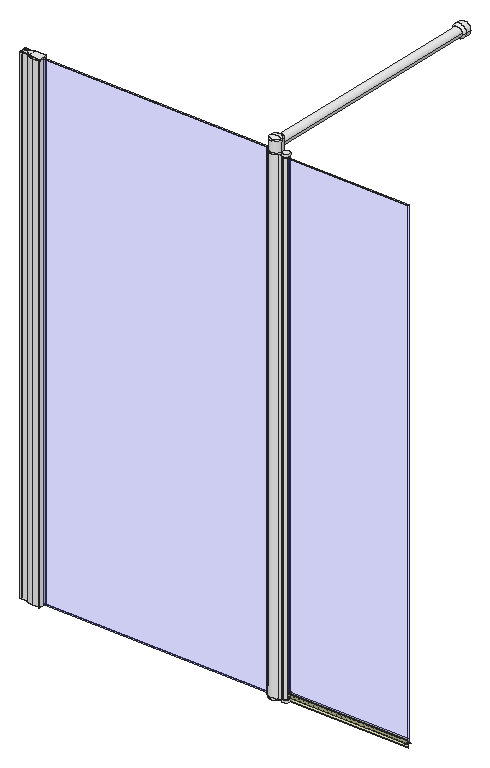
Revit family "FBD2H", category Plumbing Fixtures, Revit 2015
Parameters (values of type "800")
  arm length = 740 mm
  URL = "http://www.sanswiss.com/"
  Type Comments = "WALK IN FUN"
  Seal = Seal
  Model = "FBD2H"
  Manufacturer = "SanSwiss"
  Glass = Glass
  Chrome = Chrome - Polished
  Aluminium = Aluminum - Polished
  X = 800 mm
Types (4, lengths in mm): name | X
  (no name) | 800
  700 | 700
  800 | 800
  750 | 750
Reference planes
  plane 1 "Center (Front/Back)": y = 0
  plane 2: z = 0
  plane 3 "Center (Left/Right)": x = 0
  plane 4 "back": y = 750
  plane 5 "left": x = -800
  plane 6: z = 1965.5
  plane 7 "stabiliser": y = 30.169
  plane 8: x = -744.225
  plane 9: z = -534.5
Forms (mm)
  Sweep 1, solid, material "Chrome - Polished" <- "Chrome"
    path origin (0, 0, 0) x (1, 0, 0) y (0, 0, 1)
      loop
        line (0, 1497.7) -> (0, 1502)
    profile origin (0, 0, 1499.85) x (-1, 0, 0) y (0, -1, 0)
      loop
        arc (46.513, -26.016) -> (42.412, -24.892) -> (39.475, -21.818) r 7.96
        arc (39.475, -21.818) -> (24.653, -12.137) -> (8.498, -19.375) r 18.466
        arc (8.498, -19.375) -> (4.987, -22.278) -> (0.551, -23.318) r 9.979
        line (0.551, -23.318) -> (-0.232, -23.318)
        arc (-0.232, -23.318) -> (-18.787, -30.617) -> (-0.232, -37.916) r 10.713
        line (-0.232, -37.916) -> (0.551, -37.916)
        arc (0.551, -37.916) -> (4.983, -38.952) -> (8.5, -41.84) r 10.034
        arc (8.5, -41.84) -> (24.644, -49.028) -> (39.471, -39.413) r 18.528
        arc (39.471, -39.413) -> (42.417, -36.353) -> (46.513, -35.228) r 8.016
        line (46.513, -35.228) -> (47.889, -35.228)
        arc (47.889, -35.228) -> (48.463, -34.99) -> (48.7, -34.417) r 0.811
        line (48.7, -34.417) -> (48.7, -26.828)
        arc (48.7, -26.828) -> (48.462, -26.254) -> (47.889, -26.016) r 0.811
        line (47.889, -26.016) -> (46.513, -26.016)
  Sweep 2, solid, material "Aluminum - Polished" <- "Aluminium"
    path origin (0, 0, 0) x (1, 0, 0) y (0, 0, 1)
      loop
        line (-800, 0) -> (-800, 1500)
    profile origin (-800, 0, 750) x (-1, 0, 0) y (0, -1, 0)
      loop
        line (-63.975, -34.016) -> (-63.975, -41.416)
        arc (-63.975, -41.416) -> (-63.536, -42.477) -> (-62.475, -42.916) r 1.5
        line (-62.475, -42.916) -> (-28.801, -42.916)
        arc (-28.801, -42.916) -> (-26.457, -42.632) -> (-24.248, -41.797) r 9.817
        arc (-24.248, -41.797) -> (-24.058, -40.885) -> (-24.863, -40.416) r 0.796
        line (-24.863, -40.416) -> (-24.863, -22.416)
        arc (-24.863, -22.416) -> (-24.071, -21.973) -> (-24.146, -21.069) r 0.838
        arc (-24.146, -21.069) -> (-34.029, -16.855) -> (-44.675, -15.416) r 40.103
        line (-44.675, -15.416) -> (-62.475, -15.416)
        arc (-62.475, -15.416) -> (-63.536, -15.855) -> (-63.975, -16.916) r 1.5
        line (-63.975, -16.916) -> (-63.975, -27.216) -> (-55.775, -27.216) -> (-55.775, -34.016) -> (-63.975, -34.016)
  Sweep 3, solid, material "Chrome - Polished" <- "Chrome"
    path origin (0, 0, 0) x (1, 0, 0) y (0, 0, 1)
      loop
        line (-800, 1503) -> (-800, 1500)
    profile origin (-800, 0, 1501.5) x (0, -1, 0) y (1, 0, 0)
      loop
        line (-16.916, 63.975) -> (-41.416, 63.975)
        arc (-41.416, 63.975) -> (-42.477, 63.536) -> (-42.916, 62.475) r 1.5
        line (-42.916, 62.475) -> (-42.916, 28.801)
        arc (-42.916, 28.801) -> (-42.208, 25.105) -> (-40.183, 21.932) r 9.999
        arc (-40.183, 21.932) -> (-30.188, 18.244) -> (-21.199, 23.963) r 11.998
        arc (-21.199, 23.963) -> (-16.891, 33.924) -> (-15.416, 44.675) r 40.036
        line (-15.416, 44.675) -> (-15.416, 62.475)
        arc (-15.416, 62.475) -> (-15.855, 63.536) -> (-16.916, 63.975) r 1.5
  Sweep 4, solid, material "Aluminum - Polished" <- "Aluminium"
    path origin (0, 0, 0) x (1, 0, 0) y (0, 0, 1)
      loop
        line (0, 1497.7) -> (0, 4.3)
    profile origin (0, 0, 751) x (0, -1, 0) y (1, 0, 0)
      loop
        arc (-35.222, -47.894) -> (-34.417, -48.7) -> (-33.611, -47.894) r 0.806
        line (-33.611, -47.894) -> (-34.222, -47.021) -> (-33.733, -46.322) -> (-34.222, -45.622) -> (-33.701, -45.001) -> (-34.222, -44.257) -> (-33.714, -43.651) -> (-33.714, -40) -> (-27.616, -40) -> (-27.616, -43.701) -> (-27.022, -44.295) -> (-27.496, -44.972) -> (-27.022, -45.649) -> (-27.483, -46.306) -> (-27.022, -46.964) -> (-27.611, -47.906)
        arc (-27.611, -47.906) -> (-26.811, -48.706) -> (-26.011, -47.906) r 0.8
        line (-26.011, -47.906) -> (-26.011, -46.513)
        arc (-26.011, -46.513) -> (-24.883, -42.417) -> (-21.818, -39.475) r 8.005
        arc (-21.818, -39.475) -> (-12.177, -24.65) -> (-19.375, -8.498) r 18.514
        arc (-19.375, -8.498) -> (-22.533, -4.427) -> (-23.278, 0.67) r 10.122
        arc (-23.278, 0.67) -> (-22.622, 2.449) -> (-22.866, 4.33) r 3.968
        arc (-22.866, 4.33) -> (-23.136, 4) -> (-23.286, 3.601) r 1.311
        arc (-23.286, 3.601) -> (-30.62, -1.041) -> (-37.948, 3.612) r 8.105
        arc (-37.948, 3.612) -> (-38.099, 4.005) -> (-38.366, 4.33) r 1.311
        arc (-38.366, 4.33) -> (-38.611, 2.449) -> (-37.954, 0.67) r 3.968
        arc (-37.954, 0.67) -> (-38.699, -4.427) -> (-41.857, -8.498) r 10.122
        arc (-41.857, -8.498) -> (-49.055, -24.65) -> (-39.414, -39.475) r 18.514
        arc (-39.414, -39.475) -> (-36.387, -42.354) -> (-35.222, -46.366) r 8.005
        line (-35.222, -46.366) -> (-35.222, -47.894)
  Sweep 5, solid, material "Chrome - Polished" <- "Chrome"
    path origin (0, 0, 0) x (1, 0, 0) y (0, 0, 1)
      loop
        line (0, 4.3) -> (0, 0)
    profile origin (0, 0, 2.15) x (0, -1, 0) y (1, 0, 0)
      loop
        arc (-26.016, -46.513) -> (-24.892, -42.412) -> (-21.818, -39.475) r 7.96
        arc (-21.818, -39.475) -> (-12.137, -24.653) -> (-19.375, -8.498) r 18.466
        arc (-19.375, -8.498) -> (-22.278, -4.987) -> (-23.318, -0.551) r 9.979
        line (-23.318, -0.551) -> (-23.318, 0.232)
        arc (-23.318, 0.232) -> (-30.617, 18.787) -> (-37.916, 0.232) r 10.713
        line (-37.916, 0.232) -> (-37.916, -0.551)
        arc (-37.916, -0.551) -> (-38.952, -4.983) -> (-41.84, -8.5) r 10.034
        arc (-41.84, -8.5) -> (-49.028, -24.644) -> (-39.413, -39.471) r 18.528
        arc (-39.413, -39.471) -> (-36.353, -42.417) -> (-35.228, -46.513) r 8.016
        line (-35.228, -46.513) -> (-35.228, -47.889)
        arc (-35.228, -47.889) -> (-34.99, -48.463) -> (-34.417, -48.7) r 0.811
        line (-34.417, -48.7) -> (-26.828, -48.7)
        arc (-26.828, -48.7) -> (-26.254, -48.462) -> (-26.016, -47.889) r 0.811
        line (-26.016, -47.889) -> (-26.016, -46.513)
  Extrusion 6, solid, material "Glass" <- "Glass"
    sketch origin (0, 7.616, 0) x (1, 0, 0) y (0, 1, 0)
      loop
        line (-42.892, 26) -> (-744.225, 26) -> (-744.225, 20) -> (-42.892, 20) -> (-42.892, 26)
    from 1.5 to 1500.5
  Sweep 7, solid, material "Chrome - Polished" <- "Chrome"
    path origin (0, 30.169, 0) x (-1, 0, 0) y (0, 0, 1)
      loop
        line (0, 4.3) -> (0, 7.8)
    profile origin (0, 30.169, 6.05) x (1, 0, 0) y (0, 1, 0)
      loop
        circle (8, 0.447) r 9
  Sweep 8, solid, material "Chrome - Polished" <- "Chrome"
    path origin (0, 30.169, 0) x (-1, 0, 0) y (0, 0, 1)
      loop
        line (0, 1494.2) -> (0, 1497.7)
    profile origin (0, 30.169, 1495.95) x (1, 0, 0) y (0, 1, 0)
      loop
        circle (8, 0.447) r 9
  Extrusion 9, solid, material "Glass" <- "Glass"
    sketch origin (0, 0, 0) x (1, 0, 0) y (0, 1, 0)
      loop
        line (8, 33.616) -> (8, 27.616) -> (382.921, 27.616) -> (382.921, 33.616) -> (8, 33.616)
    from 12.3 to 1489.7
  Extrusion 10, solid, material "Seal" <- "Seal"
    sketch origin (0, 0, 0) x (0, 1, 0) y (0, 0, 1)
      loop
        line (31.475, 10.9) -> (34.716, 10.9)
        arc (34.716, 10.9) -> (38.727, 7.906) -> (43.475, 6.318) r 15.781
        arc (43.475, 6.318) -> (44.097, 6.669) -> (43.746, 7.291) r 0.505
        arc (43.746, 7.291) -> (39.535, 9.237) -> (36.153, 12.412) r 14.508
        line (36.153, 12.412) -> (35.052, 23.597)
        arc (35.052, 23.597) -> (34.494, 24.329) -> (33.59, 24.158) r 0.876
        line (33.59, 24.158) -> (34.542, 14.491)
        arc (34.542, 14.491) -> (33.795, 13.807) -> (34.661, 13.282) r 0.632
        arc (34.661, 13.282) -> (34.585, 12.759) -> (34.32, 12.3) r 1.407
        line (34.32, 12.3) -> (26.887, 12.3)
        arc (26.887, 12.3) -> (26.554, 12.735) -> (26.571, 13.282) r 0.815
        arc (26.571, 13.282) -> (27.435, 13.807) -> (26.69, 14.491) r 0.632
        line (26.69, 14.491) -> (27.631, 24.04)
        arc (27.631, 24.04) -> (26.758, 24.302) -> (26.18, 23.597) r 0.822
        line (26.18, 23.597) -> (25.125, 12.876)
        arc (25.125, 12.876) -> (25.582, 11.491) -> (26.916, 10.9) r 1.8
        line (26.916, 10.9) -> (29.757, 10.9) -> (30.278, 0.914) -> (30.625, -0.098) -> (30.954, 0.914) -> (31.475, 10.9)
    from 16.921 to 382.921
  Sweep 11, solid, material "Aluminum - Polished" <- "Aluminium"
    path origin (0, 30.169, 0) x (-1, 0, 0) y (0, 0, 1)
      loop
        line (0, 1494.2) -> (0, 7.8)
    profile origin (0, 30.169, 751) x (0, 1, 0) y (-1, 0, 0)
      loop
        arc (4.163, -16.189) -> (0.447, 0.993) -> (-3.27, -16.189) r 8.993
        arc (-3.27, -16.189) -> (-2.367, -15.602) -> (-2.856, -14.642) r 0.805
        line (-2.856, -14.642) -> (-2.856, -10.555)
        arc (-2.856, -10.555) -> (0.452, -3.853) -> (3.759, -10.555) r 4.167
        line (3.759, -10.555) -> (3.759, -14.437)
        arc (3.759, -14.437) -> (3.257, -15.475) -> (4.163, -16.189) r 0.921
  Extrusion 12, solid, material "Chrome - Polished" <- "Chrome"
    sketch origin (0, 0, 0) x (1, 0, 0) y (0, 1, 0)
      loop
        line (16.189, 34.333) -> (16.189, 26.899)
        arc (16.189, 26.899) -> (17, 30.616) -> (16.189, 34.333) r 8.922
    from 7.8 to 12.3
  Extrusion 13, solid, material "Chrome - Polished" <- "Chrome"
    sketch origin (0, 0, 0) x (1, 0, 0) y (0, 1, 0)
      loop
        line (16.189, 34.333) -> (16.189, 26.899)
        arc (16.189, 26.899) -> (17, 30.616) -> (16.189, 34.333) r 8.922
    from 1494.2 to 1489.7
  Sweep 14, solid, material "Chrome - Polished" <- "Chrome"
    path origin (0, 30.169, 0) x (-1, 0, 0) y (0, 0, 1)
      loop
        line (800, 1501.5) -> (800, 1500)
    profile origin (-800, 30.169, 1500.75) x (0, 1, 0) y (-1, 0, 0)
      loop
        line (-4.153, -0.259) -> (-6.753, -0.259)
        arc (-6.753, -0.259) -> (-7.46, -0.552) -> (-7.753, -1.259) r 1
        line (-7.753, -1.259) -> (-7.753, -27.88) -> (10.247, -27.88) -> (10.247, -1.259)
        arc (10.247, -1.259) -> (9.954, -0.552) -> (9.247, -0.259) r 1
        line (9.247, -0.259) -> (6.647, -0.259) -> (6.647, -7.459)
        arc (6.647, -7.459) -> (6.061, -8.873) -> (4.647, -9.459) r 2
        line (4.647, -9.459) -> (-2.153, -9.459)
        arc (-2.153, -9.459) -> (-3.568, -8.873) -> (-4.153, -7.459) r 2
        line (-4.153, -7.459) -> (-4.153, -0.259)
  Sweep 15, solid, material "Aluminum - Polished" <- "Aluminium"
    path origin (0, 30.169, 0) x (-1, 0, 0) y (0, 0, 1)
      loop
        line (800, 1500) -> (800, 0)
    profile origin (-800, 30.169, 750) x (0, 1, 0) y (-1, 0, 0)
      loop
        arc (-7.753, -42.759) -> (-7.518, -43.565) -> (-6.887, -44.119) r 1.5
        line (-6.887, -44.119) -> (-4.753, -45.114) -> (-4.753, -42.8) -> (-6.253, -42.8) -> (-6.253, -2.8) -> (-4.853, -2.8)
        arc (-4.853, -2.8) -> (-3.773, -2.439) -> (-3.128, -1.5) r 1.795
        line (-3.128, -1.5) -> (5.683, -1.5)
        arc (5.683, -1.5) -> (6.291, -2.436) -> (7.347, -2.8) r 1.715
        line (7.347, -2.8) -> (8.747, -2.8) -> (8.747, -42.8) -> (7.247, -42.8) -> (7.247, -45.114) -> (9.492, -44.067)
        arc (9.492, -44.067) -> (10.044, -43.514) -> (10.247, -42.759) r 1.51
        line (10.247, -42.759) -> (10.247, 0.114) -> (7.147, -1.332) -> (7.147, 0) -> (-4.653, 0) -> (-4.653, -1.332) -> (-7.753, 0.114) -> (-7.753, -42.759)
Dimensions and locks
  "X": plane 5 "left" to plane 3 "Center (Left/Right)"
  locked: plane 5 "left" to plane 8 at 55.775
  plane 6 to plane 9 = 2500 mm
  aligned and locked: level to plane 2
  aligned and locked: Extrusion 6 to plane 8
Automatic sketch dimensions
  Sweep 2 sketch curve to plane 5 "left" = 0 mm
  Sweep 2 sketch curve to level = 0 mm
  level to Sweep 2 sketch curve = 1500 mm
  Sweep 3 sketch curve to plane 5 "left" = 0 mm
  level to Sweep 3 sketch curve = 1500 mm
  Sweep 3 sketch curve to Sweep 3 sketch curve = 3 mm
  Sweep 5 sketch curve to plane 3 "Center (Left/Right)" = 0 mm
  Sweep 5 sketch curve to level = 0 mm
  level to Sweep 5 sketch curve = 4.3 mm
  plane 5 "left" to Extrusion 6 sketch curve = 55.775 mm
  Extrusion 6 sketch curve to plane 1 "Center (Front/Back)" = 27.616 mm
  Extrusion 6 sketch curve to plane 3 "Center (Left/Right)" = 42.892 mm
  Extrusion 6 sketch curve to Extrusion 6 sketch curve = 6 mm
  profile plane to Sweep 5 sketch curve = 0.541 mm
  Sweep 5 sketch curve to plane 1 "Center (Front/Back)" = 43.244 mm
  profile plane to Sweep 5 sketch curve = 0.551 mm  (x2)
  Sweep 5 sketch curve to Sweep 5 sketch curve = 10.034 mm
  Sweep 5 sketch curve to Sweep 5 sketch curve = 8.016 mm
  Sweep 5 sketch curve to Sweep 5 sketch curve = 0.811 mm  (x2)
  Sweep 5 sketch curve to profile plane = 8.073 mm
  Sweep 5 sketch curve to Sweep 5 sketch curve = 7.299 mm  (x2)
  Sweep 5 sketch curve to Sweep 5 sketch curve = 4.67 mm
  Sweep 5 sketch curve to Sweep 5 sketch curve = 0.012 mm
  Sweep 5 sketch curve to Sweep 5 sketch curve = 7.589 mm
  Sweep 5 sketch curve to Sweep 5 sketch curve = 7.96 mm
  Sweep 5 sketch curve to Sweep 5 sketch curve = 9.979 mm
  profile plane to Sweep 5 sketch curve = 23.197 mm
  Sweep 5 sketch curve to Sweep 5 sketch curve = 0.005 mm
  Sweep 5 sketch curve to Sweep 5 sketch curve = 23.288 mm
  Sweep 5 sketch curve to Sweep 5 sketch curve = 0.023 mm
  Sweep 5 sketch curve to Sweep 5 sketch curve = 1.399 mm
  Sweep 5 sketch curve to profile plane = 0.232 mm
  Sweep 5 sketch curve to Sweep 5 sketch curve = 0 mm  (x3)
  Sweep 5 sketch curve to Sweep 5 sketch curve = 3.762 mm
  profile plane to Sweep 4 sketch curve = 0.463 mm  (x2)
  Sweep 4 sketch curve to plane 1 "Center (Front/Back)" = 48.012 mm
  Sweep 4 sketch curve to plane 1 "Center (Front/Back)" = 43.226 mm
  Sweep 4 sketch curve to profile plane = 3.345 mm  (x2)
  Sweep 4 sketch curve to Sweep 4 sketch curve = 8.781 mm  (x2)
  Sweep 4 sketch curve to Sweep 4 sketch curve = 8.003 mm
  Sweep 4 sketch curve to Sweep 4 sketch curve = 4.563 mm  (x2)
  Sweep 4 sketch curve to Sweep 4 sketch curve = 0.806 mm
  Sweep 4 sketch curve to Sweep 4 sketch curve = 1 mm
  Sweep 4 sketch curve to Sweep 4 sketch curve = 0 mm  (x4)
  Sweep 4 sketch curve to Sweep 4 sketch curve = 0.194 mm
  Sweep 4 sketch curve to Sweep 4 sketch curve = 0.49 mm
  Sweep 4 sketch curve to Sweep 4 sketch curve = 0.509 mm
  Sweep 4 sketch curve to Sweep 4 sketch curve = 0.521 mm
  Sweep 4 sketch curve to Sweep 4 sketch curve = 3.08 mm
  Sweep 4 sketch curve to Sweep 4 sketch curve = 4.053 mm
  Sweep 4 sketch curve to Sweep 4 sketch curve = 0.035 mm
  Sweep 4 sketch curve to Sweep 4 sketch curve = 6.098 mm
  Sweep 4 sketch curve to Sweep 4 sketch curve = 0.005 mm
  Sweep 4 sketch curve to Sweep 4 sketch curve = 0.12 mm
  Sweep 4 sketch curve to Sweep 4 sketch curve = 0.013 mm
  Sweep 4 sketch curve to Sweep 4 sketch curve = 0.461 mm  (x2)
  Sweep 4 sketch curve to Sweep 4 sketch curve = 0.474 mm
  Sweep 4 sketch curve to Sweep 4 sketch curve = 0.8 mm
  Sweep 4 sketch curve to profile plane = 2.893 mm  (x2)
  Sweep 4 sketch curve to Sweep 4 sketch curve = 4.05 mm
  Sweep 4 sketch curve to Sweep 4 sketch curve = 8.005 mm
  profile plane to Sweep 4 sketch curve = 23.195 mm
  Sweep 4 sketch curve to Sweep 4 sketch curve = 16.805 mm
  Sweep 4 sketch curve to Sweep 4 sketch curve = 3.651 mm
  Sweep 4 sketch curve to Sweep 4 sketch curve = 3.701 mm
  Sweep 4 sketch curve to Sweep 4 sketch curve = 0.606 mm
  Sweep 4 sketch curve to Sweep 4 sketch curve = 0.594 mm
  Sweep 4 sketch curve to Sweep 4 sketch curve = 0.677 mm  (x2)
  Sweep 4 sketch curve to Sweep 4 sketch curve = 0.744 mm  (x2)
  Sweep 4 sketch curve to Sweep 4 sketch curve = 0.621 mm
  Sweep 4 sketch curve to Sweep 4 sketch curve = 0.658 mm  (x2)
  Sweep 4 sketch curve to Sweep 4 sketch curve = 0.699 mm  (x2)
  Sweep 4 sketch curve to Sweep 4 sketch curve = 0.147 mm
  Sweep 4 sketch curve to Sweep 4 sketch curve = 0.865 mm  (x2)
  Sweep 4 sketch curve to Sweep 4 sketch curve = 0.873 mm
  Sweep 4 sketch curve to Sweep 4 sketch curve = 0.942 mm
  Sweep 4 sketch curve to Sweep 4 sketch curve = 4.171 mm
  profile plane to Sweep 4 sketch curve = 8.498 mm
  Sweep 4 sketch curve to profile plane = 0.67 mm  (x2)
  Sweep 4 sketch curve to Sweep 4 sketch curve = 0.418 mm
  Sweep 4 sketch curve to Sweep 4 sketch curve = 1.285 mm
  Sweep 4 sketch curve to Sweep 4 sketch curve = 0.008 mm
  Sweep 4 sketch curve to plane 3 "Center (Left/Right)" = 0 mm
  level to Sweep 4 sketch curve = 4.3 mm
  Sweep 4 sketch curve to plane 6 = 467.8 mm
  profile plane to Sweep 1 sketch curve = 8.073 mm
  profile plane to Sweep 1 sketch curve = 0.232 mm  (x2)
  Sweep 1 sketch curve to profile plane = 0.541 mm
  Sweep 1 sketch curve to profile plane = 0.551 mm  (x2)
  Sweep 1 sketch curve to profile plane = 23.197 mm
  Sweep 1 sketch curve to Sweep 1 sketch curve = 0.005 mm
  Sweep 1 sketch curve to Sweep 1 sketch curve = 23.288 mm
  Sweep 1 sketch curve to Sweep 1 sketch curve = 0.023 mm  (x2)
  Sweep 1 sketch curve to Sweep 1 sketch curve = 1.376 mm  (x2)
  Sweep 1 sketch curve to Sweep 1 sketch curve = 0.811 mm
  Sweep 1 sketch curve to plane 1 "Center (Front/Back)" = 47.95 mm
  Sweep 1 sketch curve to plane 1 "Center (Front/Back)" = 43.244 mm
  Sweep 1 sketch curve to Sweep 1 sketch curve = 10.034 mm
  Sweep 1 sketch curve to Sweep 1 sketch curve = 8.016 mm
  Sweep 1 sketch curve to Sweep 1 sketch curve = 7.299 mm
  Sweep 1 sketch curve to Sweep 1 sketch curve = 7.24 mm
  Sweep 1 sketch curve to Sweep 1 sketch curve = 0.012 mm
  Sweep 1 sketch curve to Sweep 1 sketch curve = 7.589 mm
  Sweep 1 sketch curve to Sweep 1 sketch curve = 7.96 mm
  Sweep 1 sketch curve to Sweep 1 sketch curve = 9.979 mm
  Sweep 1 sketch curve to Sweep 1 sketch curve = 0 mm  (x2)
  Sweep 1 sketch curve to plane 3 "Center (Left/Right)" = 0 mm
  Sweep 1 sketch curve to plane 6 = 467.8 mm
  Sweep 1 sketch curve to Sweep 1 sketch curve = 4.3 mm
  Sweep 7 sketch curve to plane 3 "Center (Left/Right)" = 0 mm
  level to Sweep 7 sketch curve = 4.3 mm
  Sweep 7 sketch curve to Sweep 7 sketch curve = 3.5 mm
  Sweep 7 sketch curve to profile plane = 8 mm
  plane 7 "stabiliser" to Sweep 7 sketch curve = 0.447 mm
  Sweep 8 sketch curve to plane 3 "Center (Left/Right)" = 0 mm
  Sweep 8 sketch curve to plane 6 = 471.3 mm
  Sweep 8 sketch curve to Sweep 8 sketch curve = 3.5 mm
  Sweep 8 sketch curve to profile plane = 8 mm
  plane 7 "stabiliser" to Sweep 8 sketch curve = 0.447 mm
  Extrusion 9 sketch curve to plane 7 "stabiliser" = 2.553 mm
  plane 3 "Center (Left/Right)" to Extrusion 9 sketch curve = 8 mm
  Extrusion 9 sketch curve to Extrusion 9 sketch curve = 374.921 mm
  plane 7 "stabiliser" to Extrusion 9 sketch curve = 3.447 mm
  level to Extrusion 10 sketch curve = 12.876 mm
  Extrusion 10 sketch curve to plane 7 "stabiliser" = 5.045 mm
  Extrusion 10 sketch curve to Extrusion 10 sketch curve = 1.055 mm
  level to Extrusion 10 sketch curve = 14.491 mm  (x2)
  Extrusion 10 sketch curve to Extrusion 10 sketch curve = 1.566 mm
  Extrusion 10 sketch curve to Extrusion 10 sketch curve = 0.116 mm
  Extrusion 10 sketch curve to Extrusion 10 sketch curve = 0.081 mm
  Extrusion 10 sketch curve to Extrusion 10 sketch curve = 0.029 mm
  Extrusion 10 sketch curve to Extrusion 10 sketch curve = 0.818 mm
  Extrusion 10 sketch curve to Extrusion 10 sketch curve = 0.414 mm
  level to Extrusion 10 sketch curve = 24.04 mm
  Extrusion 10 sketch curve to Extrusion 10 sketch curve = 0.633 mm
  Extrusion 10 sketch curve to Extrusion 10 sketch curve = 2.841 mm
  level to Extrusion 10 sketch curve = 0.914 mm  (x2)
  Extrusion 10 sketch curve to Extrusion 10 sketch curve = 0.521 mm
  Extrusion 10 sketch curve to level = 0.098 mm
  Extrusion 10 sketch curve to Extrusion 10 sketch curve = 0.347 mm
  Extrusion 10 sketch curve to Extrusion 10 sketch curve = 0.675 mm
  level to Extrusion 10 sketch curve = 10.9 mm
  Extrusion 10 sketch curve to Extrusion 10 sketch curve = 1.717 mm
  Extrusion 10 sketch curve to Extrusion 10 sketch curve = 1.78 mm
  Extrusion 10 sketch curve to Extrusion 10 sketch curve = 5.959 mm
  Extrusion 10 sketch curve to Extrusion 10 sketch curve = 0.59 mm
  Extrusion 10 sketch curve to Extrusion 10 sketch curve = 1.066 mm
  Extrusion 10 sketch curve to Extrusion 10 sketch curve = 1.17 mm
  Extrusion 10 sketch curve to Extrusion 10 sketch curve = 0.117 mm
  Extrusion 10 sketch curve to Extrusion 10 sketch curve = 0.396 mm
  level to Extrusion 10 sketch curve = 23.597 mm
  Extrusion 10 sketch curve to Extrusion 10 sketch curve = 0.872 mm
  level to Extrusion 10 sketch curve = 12.412 mm
  Extrusion 10 sketch curve to Extrusion 10 sketch curve = 1.833 mm
  Extrusion 10 sketch curve to Extrusion 10 sketch curve = 7.458 mm
  Extrusion 10 sketch curve to Extrusion 10 sketch curve = 10.99 mm
  Extrusion 10 sketch curve to Extrusion 10 sketch curve = 1.605 mm
  level to Extrusion 10 sketch curve = 6.804 mm
  Extrusion 10 sketch curve to Extrusion 10 sketch curve = 0 mm
  Extrusion 10 sketch curve to Extrusion 10 sketch curve = 0.4 mm
  Extrusion 10 sketch curve to Extrusion 10 sketch curve = 0.284 mm
  Extrusion 10 sketch curve to Extrusion 10 sketch curve = 0.919 mm
  Extrusion 10 sketch curve to Extrusion 10 sketch curve = 0.621 mm  (x2)
  Extrusion 10 sketch curve to Extrusion 10 sketch curve = 2.333 mm
  Extrusion 10 sketch curve to Extrusion 10 sketch curve = 0.624 mm
  Extrusion 10 sketch curve to Extrusion 10 sketch curve = 0.086 mm
  Extrusion 10 sketch curve to Extrusion 10 sketch curve = 0.524 mm
  Extrusion 10 sketch curve to Extrusion 10 sketch curve = 0.136 mm
  Sweep 11 sketch curve to plane 3 "Center (Left/Right)" = 0 mm
  level to Sweep 11 sketch curve = 7.8 mm
  Sweep 11 sketch curve to plane 6 = 471.3 mm
  Sweep 11 sketch curve to plane 7 "stabiliser" = 3.145 mm
  Sweep 11 sketch curve to Sweep 11 sketch curve = 0.29 mm
  Sweep 11 sketch curve to Sweep 11 sketch curve = 3.302 mm
  Sweep 11 sketch curve to Sweep 11 sketch curve = 0.005 mm
  Sweep 11 sketch curve to Sweep 11 sketch curve = 3.307 mm
  Sweep 11 sketch curve to Sweep 11 sketch curve = 0.396 mm
  profile plane to Sweep 11 sketch curve = 15.393 mm
  Sweep 11 sketch curve to Sweep 11 sketch curve = 0.125 mm  (x2)
  Sweep 11 sketch curve to Sweep 11 sketch curve = 0.752 mm
  Sweep 11 sketch curve to Sweep 11 sketch curve = 0.831 mm
  Sweep 11 sketch curve to Sweep 11 sketch curve = 4.086 mm
  Sweep 11 sketch curve to Sweep 11 sketch curve = 2.535 mm
  Sweep 11 sketch curve to Sweep 11 sketch curve = 0.02 mm
  plane 7 "stabiliser" to Extrusion 12 sketch curve = 0.447 mm
  plane 3 "Center (Left/Right)" to Extrusion 12 sketch curve = 8.078 mm
  Extrusion 12 sketch curve to plane 7 "stabiliser" = 3.27 mm
  Extrusion 12 sketch curve to Extrusion 12 sketch curve = 8.111 mm
  plane 7 "stabiliser" to Extrusion 13 sketch curve = 0.447 mm
  plane 3 "Center (Left/Right)" to Extrusion 13 sketch curve = 8.078 mm
  Extrusion 13 sketch curve to plane 7 "stabiliser" = 3.27 mm
  Extrusion 13 sketch curve to Extrusion 13 sketch curve = 8.111 mm
  Sweep 3 sketch curve to profile plane = 44.69 mm
  Sweep 3 sketch curve to plane 1 "Center (Front/Back)" = 55.452 mm
  Sweep 3 sketch curve to Sweep 3 sketch curve = 12.536 mm
  Sweep 3 sketch curve to Sweep 3 sketch curve = 1.5 mm  (x2)
  Sweep 3 sketch curve to Sweep 3 sketch curve = 9.999 mm
  Sweep 3 sketch curve to Sweep 3 sketch curve = 1.453 mm
  Sweep 3 sketch curve to Sweep 3 sketch curve = 24.5 mm
  Sweep 3 sketch curve to profile plane = 44.675 mm
  Sweep 3 sketch curve to profile plane = 30.175 mm
  Sweep 3 sketch curve to Sweep 3 sketch curve = 1.374 mm
  Sweep 3 sketch curve to Sweep 3 sketch curve = 17.786 mm
  Sweep 3 sketch curve to Sweep 3 sketch curve = 0 mm
  profile plane to Sweep 2 sketch curve = 63.975 mm
  Sweep 2 sketch curve to Sweep 2 sketch curve = 0 mm
  Sweep 2 sketch curve to Sweep 2 sketch curve = 1.5 mm  (x2)
  Sweep 2 sketch curve to Sweep 2 sketch curve = 8.2 mm
  Sweep 2 sketch curve to Sweep 2 sketch curve = 11.1 mm
  profile plane to Sweep 2 sketch curve = 28.801 mm
  Sweep 2 sketch curve to Sweep 2 sketch curve = 3.938 mm
  Sweep 2 sketch curve to Sweep 2 sketch curve = 0.051 mm
  Sweep 2 sketch curve to Sweep 2 sketch curve = 0.078 mm
  Sweep 2 sketch curve to plane 1 "Center (Front/Back)" = 55.519 mm
  Sweep 2 sketch curve to Sweep 2 sketch curve = 12.603 mm
  Sweep 2 sketch curve to Sweep 2 sketch curve = 1.708 mm
  Sweep 2 sketch curve to Sweep 2 sketch curve = 0.792 mm
  Sweep 2 sketch curve to Sweep 2 sketch curve = 7.4 mm
  Sweep 2 sketch curve to Sweep 2 sketch curve = 7.317 mm
  Sweep 2 sketch curve to Sweep 2 sketch curve = 6.8 mm
  Sweep 2 sketch curve to Sweep 2 sketch curve = 10.683 mm
  Sweep 2 sketch curve to Sweep 2 sketch curve = 0.837 mm
  Sweep 2 sketch curve to Sweep 2 sketch curve = 10.3 mm
  Sweep 14 sketch curve to plane 5 "left" = 0 mm
  Sweep 14 sketch curve to plane 6 = 465.5 mm
  Sweep 14 sketch curve to Sweep 14 sketch curve = 1.5 mm
  Sweep 14 sketch curve to plane 7 "stabiliser" = 7.753 mm
  Sweep 14 sketch curve to Sweep 14 sketch curve = 1 mm  (x2)
  Sweep 14 sketch curve to Sweep 14 sketch curve = 2.6 mm  (x2)
  Sweep 14 sketch curve to Sweep 14 sketch curve = 2 mm  (x2)
  Sweep 14 sketch curve to Sweep 14 sketch curve = 6.8 mm
  profile plane to Sweep 14 sketch curve = 27.88 mm
  Sweep 14 sketch curve to Sweep 14 sketch curve = 18.421 mm
  Sweep 14 sketch curve to Sweep 14 sketch curve = 6.2 mm  (x2)
  Sweep 15 sketch curve to level = 0 mm
  Sweep 15 sketch curve to plane 5 "left" = 0 mm
  Sweep 15 sketch curve to plane 6 = 465.5 mm
  Sweep 15 sketch curve to profile plane = 0.114 mm  (x2)
  Sweep 15 sketch curve to plane 7 "stabiliser" = 7.753 mm
  profile plane to Sweep 15 sketch curve = 44.119 mm
  Sweep 15 sketch curve to Sweep 15 sketch curve = 0.866 mm
  Sweep 15 sketch curve to Sweep 15 sketch curve = 0.634 mm
  Sweep 15 sketch curve to Sweep 15 sketch curve = 0 mm
  Sweep 15 sketch curve to Sweep 15 sketch curve = 1.4 mm
  Sweep 15 sketch curve to Sweep 15 sketch curve = 1.5 mm
  Sweep 15 sketch curve to Sweep 15 sketch curve = 0.2 mm  (x2)
  Sweep 15 sketch curve to Sweep 15 sketch curve = 1.525 mm
  Sweep 15 sketch curve to Sweep 15 sketch curve = 8.811 mm
  Sweep 15 sketch curve to Sweep 15 sketch curve = 1.464 mm
  Sweep 15 sketch curve to Sweep 15 sketch curve = 12 mm
  Sweep 15 sketch curve to Sweep 15 sketch curve = 1.49 mm
  Sweep 15 sketch curve to Sweep 15 sketch curve = 0.01 mm
  Sweep 15 sketch curve to Sweep 15 sketch curve = 0.745 mm
  Sweep 15 sketch curve to Sweep 15 sketch curve = 3.1 mm
  Sweep 15 sketch curve to Sweep 15 sketch curve = 2.355 mm
  Sweep 15 sketch curve to Sweep 15 sketch curve = 0.995 mm
  Sweep 15 sketch curve to Sweep 15 sketch curve = 1.047 mm
  Sweep 15 sketch curve to Sweep 15 sketch curve = 0.041 mm  (x2)
  Sweep 15 sketch curve to Sweep 15 sketch curve = 2.914 mm  (x2)
  Sweep 15 sketch curve to Sweep 15 sketch curve = 1.3 mm
  Sweep 15 sketch curve to Sweep 15 sketch curve = 0.246 mm
  Sweep 15 sketch curve to Sweep 15 sketch curve = 0.326 mm
  Sweep 15 sketch curve to Sweep 15 sketch curve = 1.005 mm
  radius of Sweep 7 sketch curve = 9 mm
  radius of Sweep 8 sketch curve = 9 mm
Nested families
  nested 1: "stabiliser" at (0.011, 10, -499.611), length <- "arm length", type "stabiliser"
    with length 740 mm
Definition of nested family "stabiliser"
  Parameters (values of type "stabiliser")
    Chrome = none
    Aluminium = none
    length [instance] = 900 mm
    URL = "http://www.sanswiss.com/"
    Type Comments = ""
    Model = ""
    Manufacturer = "SanSwiss"
  Reference planes
    plane 1 "Center (Front/Back)": y = 0
    plane 2: z = 0
    plane 3 "Center (Left/Right)": x = 0
    plane 4 "Back": y = 900
    plane 5 "Left": x = -1200
    plane 6 "bar back": y = 875
    plane 7 "stabiliser axis": z = 2018.156
    plane 8 "sttt": y = 20.175
  Forms (mm)
    Revolve 1, solid, material <- "Chrome"
      sketch origin (0, 0, 2018.156) x (0, -1, 0) y (1, 0, 0)
        loop
          line (-900, -22.663) -> (-875, -22.663) -> (-875, -7.833)
          arc (-875, -7.833) -> (-878.58, -4.435) -> (-883.359, -3.2) r 9.857
          line (-883.359, -3.2) -> (-900, -3.2) -> (-900, -22.663)
        axis (-875, -22.663) -> (-900, -22.663)
      angle from 0 to 360
    Extrusion 2, solid, material <- "Aluminium"
      sketch origin (0, 346, 0) x (1, 0, 0) y (0, 0, 1)
        loop
          circle (-22.619, 2018.156) r 13.658
      from -529 to 321.225
    Revolve 3, solid, material <- "Chrome"
      sketch origin (-45.162, 20.175, 0.011) x (-1, 0, 0) y (0, 0, 1)
        loop
          line (-22.619, 2002.6) -> (-4.119, 2002.6) -> (-4.119, 2033.679)
          arc (-4.119, 2033.679) -> (-4.481, 2034.825) -> (-5.434, 2035.557) r 1.999
          arc (-5.434, 2035.557) -> (-13.894, 2037.811) -> (-22.619, 2038.537) r 49.432
          line (-22.619, 2038.537) -> (-22.619, 2002.6)
        axis (-22.619, 2038.537) -> (-22.619, 2002.6)
      angle from 0 to 360
    Extrusion 4, void
      sketch origin (900, 0, 0) x (0, 1, 0) y (0, 0, 1)
        loop
          arc (38.658, 2032.768) -> (32.697, 2019.083) -> (38.658, 2005.399) r 18.688
          line (38.658, 2005.399) -> (38.658, 2032.768)
      from -1950 to 10
  Cuts and joins
    Extrusion 4 cuts Revolve 3
  Dimensions and locks
    "length": plane 4 "Back" to plane 1 "Center (Front/Back)"
    locked: plane 4 "Back" to plane 6 "bar back" at 25
    aligned and locked: level to plane 2
    aligned and locked: Extrusion 2 to plane 6 "bar back"
  Automatic sketch dimensions
    Revolve 1 sketch curve to plane 4 "Back" = 0 mm  (x2)
    plane 6 "bar back" to Revolve 1 sketch curve = 0 mm  (x2)
    Revolve 1 sketch curve to plane 3 "Center (Left/Right)" = 3.2 mm
    Revolve 1 sketch curve to plane 6 "bar back" = 8.359 mm
    Revolve 1 sketch curve to plane 3 "Center (Left/Right)" = 7.833 mm
    Revolve 1 sketch curve to Revolve 1 sketch curve = 9.607 mm
    Revolve 1 sketch curve to Revolve 1 sketch curve = 0 mm
    Extrusion 2 sketch curve to plane 7 "stabiliser axis" = 0 mm
    Extrusion 2 sketch curve to plane 3 "Center (Left/Right)" = 22.619 mm
    Revolve 3 sketch curve to plane 3 "Center (Left/Right)" = 22.543 mm
    Revolve 3 sketch curve to Revolve 3 sketch curve = 0.278 mm
    Revolve 3 sketch curve to plane 3 "Center (Left/Right)" = 39.044 mm
    Revolve 3 sketch curve to plane 3 "Center (Left/Right)" = 41.043 mm
    Revolve 3 sketch curve to plane 7 "stabiliser axis" = 29.039 mm
    Revolve 3 sketch curve to Revolve 3 sketch curve = 13.494 mm
    plane 7 "stabiliser axis" to Revolve 3 sketch curve = 15.534 mm
    Revolve 3 sketch curve to Revolve 3 sketch curve = 4.858 mm
    Revolve 3 sketch curve to Revolve 3 sketch curve = 0 mm  (x3)
    plane 7 "stabiliser axis" to Extrusion 4 sketch curve = 0.927 mm
    plane 8 "sttt" to Extrusion 4 sketch curve = 31.21 mm
    plane 8 "sttt" to Extrusion 4 sketch curve = 18.483 mm
    Extrusion 4 sketch curve to plane 7 "stabiliser axis" = 12.757 mm
    radius of Extrusion 2 sketch curve = 13.658 mm
